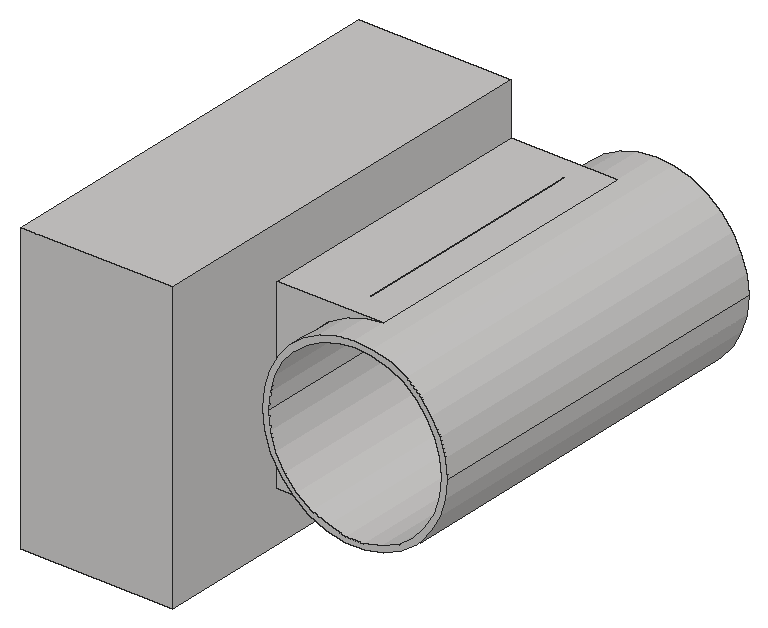
Revit family
Parameters
  Unit Weight = "20.0 lbs"
  URL = "http://www.titus-hvac.com/"
  Static Pressure [instance] = 0.00 in-wg
  Nominal Width = 1' - 3"
  Nominal Length = 1' - 8"
  Nominal Inlet Size = 0' - 8"
  Nominal Inlet Length = 1' - 4"
  Nominal Height = 1' - 0 1/4"
  Model = "DECV"
  Min. Air Flow = 0 CFM
  Max. Air Flow = 900 CFM
  Material = Steel
  Manufacturer = "Titus"
  Inlet Radius = 0' - 3 15/16"
  Inlet Opening Radius = 0' - 3 11/16"
  Inlet Offset = 0' - 2"
  Inlet Extrusion Radius = 0' - 3 15/16"
  Inlet Diameter = 0' - 7 7/8"
  Inlet = Duct D / 2  # 0' - 3 15/16"
  Duct D = 0' - 7 7/8"
  Design Air Flow [instance] = 0 CFM
  Description = "Digital Control Terminal Unit, Retrofit, Variable Volume"
  Control Box Offset = 0' - 4 9/16"
  CADworks URL = "www.CADworks.net"
  Assembly Code = "D3040100"
Reference planes (in)
  plane 1 "Center (Front/Back)": y = 0
  plane 2: z = 0
  plane 3 "Center (Left/Right)": x = 0
  plane 4: x = -4.5625
  plane 5: y = 6
  plane 6: y = 8
  plane 7: y = -8
  plane 8: y = -12
  plane 9: z = 6.125
  plane 10: z = -6.125
  plane 11: x = -11.0625
  plane 12: x = 3.9375
Forms (in)
  Extrusion 1, solid, material "Steel" <- "Material"
    sketch origin (0, 6, 0) x (-1, 0, 0) y (0, 0, -1)
      loop
        line (4.5625, -6.125) -> (11.0625, -6.125) -> (11.0625, 6.125) -> (4.5625, 6.125) -> (4.5625, -6.125)
    from 0 to 18
  Extrusion 2, solid, material "Steel" <- "Material"
    sketch origin (0, 10, 0) x (1, 0, 0) y (0, 0, 1)
      loop
        line (-4.5625, -3.9375) -> (0, -3.9375)
        arc (0, -3.9375) -> (-3.9375, 0) -> (0, 3.9375) r 3.9375
        line (0, 3.9375) -> (-4.5625, 3.9375) -> (-4.5625, -3.9375)
    from 4 to 16.5
  Extrusion 3, solid, material "Steel" <- "Material"
    sketch origin (0, -8.5, 0) x (1, 0, 0) y (0, 0, 1)
      loop
        circle (0, 0) r 3.9375
    from -16.5 to -0.5
  Extrusion 4, void
    sketch origin (0, -8, 0) x (-1, 0, 0) y (0, 0, 1)
      loop
        circle (0, 0) r 3.6875
    from 0 to 24
Cuts and joins
  Extrusion 4 cuts Extrusion 2
  Extrusion 4 cuts Extrusion 3
Dimensions and locks (in)
  locked: Extrusion 1 to Extrusion 1 at 18
  locked: Extrusion 3 sketch curve to level at 0
  locked: Extrusion 3 sketch curve to plane 3 "Center (Left/Right)" at 0
  "Control Box Offset": plane 3 "Center (Left/Right)" to Extrusion 1
  locked: Extrusion 1 sketch curve to Extrusion 1 sketch curve at 6.5
  locked: Extrusion 1 sketch curve to Extrusion 1 sketch curve at 12.25
  equal spacing: Extrusion 1 sketch curve, plane 2, Extrusion 1 sketch curve
  "Inlet Offset": plane 6 to plane 5
  locked: Extrusion 1 to plane 5 at 0
  "Inlet Diameter": Extrusion 2 sketch curve to Extrusion 2 sketch curve
  equal spacing: Extrusion 2 sketch curve, plane 2, Extrusion 2 sketch curve
  "Control Box Offset": plane 4 to plane 3 "Center (Left/Right)"
  "Inlet Offset": plane 6 to cut or joined group of Extrusion 2, Extrusion 4
  locked: cut or joined group of Extrusion 3, Extrusion 4 to plane 6 at 0
  "Nominal Inlet Length": cut or joined group of Extrusion 3, Extrusion 4 to cut or joined group of Extrusion 3, Extrusion 4
  equal spacing: cut or joined group of Extrusion 3, Extrusion 4, plane 1 "Center (Front/Back)", cut or joined group of Extrusion 3, Extrusion 4
  "Nominal Inlet Length": plane 7 to plane 6
  equal spacing: plane 7, plane 1 "Center (Front/Back)", plane 6
  locked: plane 7 to cut or joined group of Extrusion 2, Extrusion 4 at 1.5
  locked: plane 8 to plane 6 at 20
  locked: plane 9 to plane 10 at 12.25
  "Inlet Radius": radius of Extrusion 3 sketch curve
  "Inlet Extrusion Radius": radius of Extrusion 2 sketch curve
  "Inlet Opening Radius": radius of Extrusion 4 sketch curve
  aligned and locked: plane 3 "Center (Left/Right)" to connector elem
  aligned and locked: connector elem to plane 3 "Center (Left/Right)"
  aligned and locked: cut or joined group of Extrusion 2, Extrusion 4 to Extrusion 1  (x2)
  aligned and locked: plane 3 "Center (Left/Right)" to Extrusion 2 sketch curve
  aligned and locked: plane 4 to Extrusion 1
Automatic sketch dimensions
  plane 4 to Extrusion 1 sketch curve = 0' - 0"
  Extrusion 2 sketch curve to plane 4 = 0' - 0"
Connectors (in)
  hvac at (0, -8, 0), driven by "Design Air Flow", driven by "Inlet", driven by "Static Pressure"
    settings: on cut or joined group of Extrusion 3, Extrusion 4, index 1
  hvac at (0, 8, 0), driven by "Static Pressure", driven by "Design Air Flow", driven by "Inlet"
    settings: on cut or joined group of Extrusion 3, Extrusion 4, index 2
